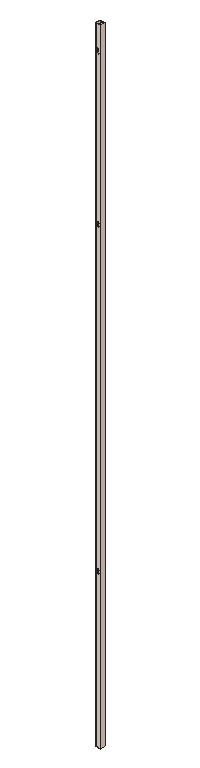
Revit family "SQ-PowerBar4045", category 機械設備, Revit 2020
Family settings
  丸型コネクタ寸法 = 直径を使用
  種別 = なし
  パーツ タイプ = 標準
  作業面ベース = いいえ
  常に垂直 = はい
  ロード時にボイドで切り取り = いいえ
  共有 = いいえ
  部屋計算ポイント = いいえ
Parameters
  製造元 = "株式会社桐井製作所"
  既定の高さ = 0 mm
  振れ止め本数 [instance] = roundup(([K_長さ(mm)] - 1200 mm) * 1 / 振れ止めピッチ) * 1  # 4
  振れ止めピッチ = 1200 mm  # constant formula
  URL = "https://www.kirii.co.jp/"
  K_長さ(mm) [instance] = 5000 mm
  K_外形寸法(mm) = "40×45×0.45"
  K_品名 = "SQ-PowerBar4045"
  K_名称 = "スタッド"
  K_バージョン情報 = "20210714"
Reference planes
  plane 1 "中心(正面/背面)": y = 0
  plane 2: z = 0
  plane 3 "中心(左/右)": x = 0
  plane 4: x = 20
  plane 5: x = -20
  plane 6: y = 22.5
  plane 7: z = 5000
  plane 8: y = -22.5
  plane 9: z = 1200
Forms (mm)
  Extrusion 1, solid
    sketch origin (0.5, -20, 0) x (1, 0, 0) y (0, 1, 0)
      loop
        line (-20.5, 42.5) -> (-20.5, -2.5) -> (19.5, -2.5) -> (19.5, 42.5) -> (-20.5, 42.5)
      loop
        line (-20.05, 42.05) -> (-20.05, -2.05) -> (19.05, -2.05) -> (19.05, 42.05) -> (-20.05, 42.05)
    from 0 to 5000
  Extrusion 2, void
    sketch origin (0, 0, -2.498) x (1, 0, 0) y (0, 0, 1)
      loop
        line (9.5, 1214.5) -> (10.689, 1225.606)
        arc (10.689, 1225.606) -> (9.707, 1231.368) -> (5.855, 1235.765) r 10.75
        arc (5.855, 1235.765) -> (5.521, 1236.127) -> (5.4, 1236.604) r 1
        line (5.4, 1236.604) -> (5.4, 1238.5)
        arc (5.4, 1238.5) -> (5.107, 1239.207) -> (4.4, 1239.5) r 1
        line (4.4, 1239.5) -> (-4.4, 1239.5)
        arc (-4.4, 1239.5) -> (-5.107, 1239.207) -> (-5.4, 1238.5) r 1
        line (-5.4, 1238.5) -> (-5.4, 1236.604)
        arc (-5.4, 1236.604) -> (-5.521, 1236.127) -> (-5.855, 1235.765) r 1
        arc (-5.855, 1235.765) -> (-9.707, 1231.368) -> (-10.689, 1225.606) r 10.75
        line (-10.689, 1225.606) -> (-9.5, 1214.5) -> (-9.5, 1211.956) -> (-8.421, 1209.153)
        arc (-8.421, 1209.153) -> (-8.3, 1208.52) -> (-8.407, 1207.885) r 1.817
        line (-8.407, 1207.885) -> (-9.501, 1204.847) -> (-9.501, 1203.499)
        arc (-9.501, 1203.499) -> (-9.208, 1202.791) -> (-8.5, 1202.498) r 1.001
        line (-8.5, 1202.498) -> (-6.417, 1202.498)
        arc (-6.417, 1202.498) -> (-5.841, 1202.309) -> (-5.486, 1201.818) r 0.978
        line (-5.486, 1201.818) -> (-5.359, 1201.002)
        arc (-5.359, 1201.002) -> (-5.072, 1200.31) -> (-4.379, 1200.023) r 0.979
        line (-4.379, 1200.023) -> (4.379, 1200.023)
        arc (4.379, 1200.023) -> (5.072, 1200.31) -> (5.359, 1201.002) r 0.979
        line (5.359, 1201.002) -> (5.486, 1201.818)
        arc (5.486, 1201.818) -> (5.841, 1202.309) -> (6.417, 1202.498) r 0.978
        line (6.417, 1202.498) -> (8.5, 1202.5)
        arc (8.5, 1202.5) -> (9.207, 1202.793) -> (9.5, 1203.5) r 1
        line (9.5, 1203.5) -> (9.5, 1204.849) -> (8.407, 1207.885)
        arc (8.407, 1207.885) -> (8.3, 1208.52) -> (8.421, 1209.153) r 1.817
        line (8.421, 1209.153) -> (9.5, 1211.956) -> (9.5, 1214.5)
    from -22.5 to -21.596
  Extrusion 3, void
    sketch origin (0, 0, 0) x (1, 0, 0) y (0, 0, 1)
      loop
        line (-4.774, 1234.724) -> (-4.8, 1233.869)
        arc (-4.8, 1233.869) -> (-9.43, 1229.41) -> (-10.689, 1223.106) r 10.75
        line (-10.689, 1223.106) -> (-9.5, 1212.003) -> (-9.5, 1209.457) -> (-9.5, 1200.952)
        arc (-9.5, 1200.952) -> (-9.19, 1200.276) -> (-8.5, 1200) r 1.001
        line (-8.5, 1200) -> (-4.8, 1200)
        arc (-4.8, 1200) -> (-4.507, 1199.293) -> (-3.8, 1199) r 1
        line (-3.8, 1199) -> (3.8, 1199)
        arc (3.8, 1199) -> (4.507, 1199.293) -> (4.8, 1200) r 1
        line (4.8, 1200) -> (8.5, 1200.002)
        arc (8.5, 1200.002) -> (9.207, 1200.295) -> (9.5, 1201) r 1
        line (9.5, 1201) -> (9.5, 1210) -> (9.5, 1212) -> (10.689, 1223.106)
        arc (10.689, 1223.106) -> (9.431, 1229.41) -> (4.8, 1233.869) r 10.75
        line (4.8, 1233.869) -> (4.774, 1234.724)
        arc (4.774, 1234.724) -> (4.423, 1235.282) -> (3.8, 1235.5) r 1
        line (3.8, 1235.5) -> (-3.8, 1235.5)
        arc (-3.8, 1235.5) -> (-4.423, 1235.282) -> (-4.774, 1234.724) r 1
    from 21.501 to 22.5
  Extrusion 4, void
    sketch origin (0, 0, 1200) x (1, 0, 0) y (0, 0, 1)
      loop
        line (-4.774, 1234.724) -> (-4.8, 1233.869)
        arc (-4.8, 1233.869) -> (-9.43, 1229.41) -> (-10.689, 1223.106) r 10.75
        line (-10.689, 1223.106) -> (-9.5, 1212.003) -> (-9.5, 1209.457) -> (-9.5, 1200.952)
        arc (-9.5, 1200.952) -> (-9.19, 1200.276) -> (-8.5, 1200) r 1.001
        line (-8.5, 1200) -> (-4.8, 1200)
        arc (-4.8, 1200) -> (-4.507, 1199.293) -> (-3.8, 1199) r 1
        line (-3.8, 1199) -> (3.8, 1199)
        arc (3.8, 1199) -> (4.507, 1199.293) -> (4.8, 1200) r 1
        line (4.8, 1200) -> (8.5, 1200.002)
        arc (8.5, 1200.002) -> (9.207, 1200.295) -> (9.5, 1201) r 1
        line (9.5, 1201) -> (9.5, 1210) -> (9.5, 1212) -> (10.689, 1223.106)
        arc (10.689, 1223.106) -> (9.431, 1229.41) -> (4.8, 1233.869) r 10.75
        line (4.8, 1233.869) -> (4.774, 1234.724)
        arc (4.774, 1234.724) -> (4.423, 1235.282) -> (3.8, 1235.5) r 1
        line (3.8, 1235.5) -> (-3.8, 1235.5)
        arc (-3.8, 1235.5) -> (-4.423, 1235.282) -> (-4.774, 1234.724) r 1
    from 21.501 to 22.5
  Extrusion 5, void
    sketch origin (0, 0, 2400) x (1, 0, 0) y (0, 0, 1)
      loop
        line (-4.774, 1234.724) -> (-4.8, 1233.869)
        arc (-4.8, 1233.869) -> (-9.43, 1229.41) -> (-10.689, 1223.106) r 10.75
        line (-10.689, 1223.106) -> (-9.5, 1212.003) -> (-9.5, 1209.457) -> (-9.5, 1200.952)
        arc (-9.5, 1200.952) -> (-9.19, 1200.276) -> (-8.5, 1200) r 1.001
        line (-8.5, 1200) -> (-4.8, 1200)
        arc (-4.8, 1200) -> (-4.507, 1199.293) -> (-3.8, 1199) r 1
        line (-3.8, 1199) -> (3.8, 1199)
        arc (3.8, 1199) -> (4.507, 1199.293) -> (4.8, 1200) r 1
        line (4.8, 1200) -> (8.5, 1200.002)
        arc (8.5, 1200.002) -> (9.207, 1200.295) -> (9.5, 1201) r 1
        line (9.5, 1201) -> (9.5, 1210) -> (9.5, 1212) -> (10.689, 1223.106)
        arc (10.689, 1223.106) -> (9.431, 1229.41) -> (4.8, 1233.869) r 10.75
        line (4.8, 1233.869) -> (4.774, 1234.724)
        arc (4.774, 1234.724) -> (4.423, 1235.282) -> (3.8, 1235.5) r 1
        line (3.8, 1235.5) -> (-3.8, 1235.5)
        arc (-3.8, 1235.5) -> (-4.423, 1235.282) -> (-4.774, 1234.724) r 1
    from 21.501 to 22.5
  Extrusion 6, void
    sketch origin (0, 0, 3600) x (1, 0, 0) y (0, 0, 1)
      loop
        line (-4.774, 1234.724) -> (-4.8, 1233.869)
        arc (-4.8, 1233.869) -> (-9.43, 1229.41) -> (-10.689, 1223.106) r 10.75
        line (-10.689, 1223.106) -> (-9.5, 1212.003) -> (-9.5, 1209.457) -> (-9.5, 1200.952)
        arc (-9.5, 1200.952) -> (-9.19, 1200.276) -> (-8.5, 1200) r 1.001
        line (-8.5, 1200) -> (-4.8, 1200)
        arc (-4.8, 1200) -> (-4.507, 1199.293) -> (-3.8, 1199) r 1
        line (-3.8, 1199) -> (3.8, 1199)
        arc (3.8, 1199) -> (4.507, 1199.293) -> (4.8, 1200) r 1
        line (4.8, 1200) -> (8.5, 1200.002)
        arc (8.5, 1200.002) -> (9.207, 1200.295) -> (9.5, 1201) r 1
        line (9.5, 1201) -> (9.5, 1210) -> (9.5, 1212) -> (10.689, 1223.106)
        arc (10.689, 1223.106) -> (9.431, 1229.41) -> (4.8, 1233.869) r 10.75
        line (4.8, 1233.869) -> (4.774, 1234.724)
        arc (4.774, 1234.724) -> (4.423, 1235.282) -> (3.8, 1235.5) r 1
        line (3.8, 1235.5) -> (-3.8, 1235.5)
        arc (-3.8, 1235.5) -> (-4.423, 1235.282) -> (-4.774, 1234.724) r 1
    from 21.501 to 22.5
  Extrusion 7, void
    sketch origin (0, 0, 1197.502) x (1, 0, 0) y (0, 0, 1)
      loop
        line (9.5, 1214.5) -> (10.689, 1225.606)
        arc (10.689, 1225.606) -> (9.707, 1231.368) -> (5.855, 1235.765) r 10.75
        arc (5.855, 1235.765) -> (5.521, 1236.127) -> (5.4, 1236.604) r 1
        line (5.4, 1236.604) -> (5.4, 1238.5)
        arc (5.4, 1238.5) -> (5.107, 1239.207) -> (4.4, 1239.5) r 1
        line (4.4, 1239.5) -> (-4.4, 1239.5)
        arc (-4.4, 1239.5) -> (-5.107, 1239.207) -> (-5.4, 1238.5) r 1
        line (-5.4, 1238.5) -> (-5.4, 1236.604)
        arc (-5.4, 1236.604) -> (-5.521, 1236.127) -> (-5.855, 1235.765) r 1
        arc (-5.855, 1235.765) -> (-9.707, 1231.368) -> (-10.689, 1225.606) r 10.75
        line (-10.689, 1225.606) -> (-9.5, 1214.5) -> (-9.5, 1211.956) -> (-8.421, 1209.153)
        arc (-8.421, 1209.153) -> (-8.3, 1208.52) -> (-8.407, 1207.885) r 1.817
        line (-8.407, 1207.885) -> (-9.501, 1204.847) -> (-9.501, 1203.499)
        arc (-9.501, 1203.499) -> (-9.208, 1202.791) -> (-8.5, 1202.498) r 1.001
        line (-8.5, 1202.498) -> (-6.417, 1202.498)
        arc (-6.417, 1202.498) -> (-5.841, 1202.309) -> (-5.486, 1201.818) r 0.978
        line (-5.486, 1201.818) -> (-5.359, 1201.002)
        arc (-5.359, 1201.002) -> (-5.072, 1200.31) -> (-4.379, 1200.023) r 0.979
        line (-4.379, 1200.023) -> (4.379, 1200.023)
        arc (4.379, 1200.023) -> (5.072, 1200.31) -> (5.359, 1201.002) r 0.979
        line (5.359, 1201.002) -> (5.486, 1201.818)
        arc (5.486, 1201.818) -> (5.841, 1202.309) -> (6.417, 1202.498) r 0.978
        line (6.417, 1202.498) -> (8.5, 1202.5)
        arc (8.5, 1202.5) -> (9.207, 1202.793) -> (9.5, 1203.5) r 1
        line (9.5, 1203.5) -> (9.5, 1204.849) -> (8.407, 1207.885)
        arc (8.407, 1207.885) -> (8.3, 1208.52) -> (8.421, 1209.153) r 1.817
        line (8.421, 1209.153) -> (9.5, 1211.956) -> (9.5, 1214.5)
    from -22.5 to -21.596
  Extrusion 8, void
    sketch origin (0, 0, 2397.502) x (1, 0, 0) y (0, 0, 1)
      loop
        line (9.5, 1214.5) -> (10.689, 1225.606)
        arc (10.689, 1225.606) -> (9.707, 1231.368) -> (5.855, 1235.765) r 10.75
        arc (5.855, 1235.765) -> (5.521, 1236.127) -> (5.4, 1236.604) r 1
        line (5.4, 1236.604) -> (5.4, 1238.5)
        arc (5.4, 1238.5) -> (5.107, 1239.207) -> (4.4, 1239.5) r 1
        line (4.4, 1239.5) -> (-4.4, 1239.5)
        arc (-4.4, 1239.5) -> (-5.107, 1239.207) -> (-5.4, 1238.5) r 1
        line (-5.4, 1238.5) -> (-5.4, 1236.604)
        arc (-5.4, 1236.604) -> (-5.521, 1236.127) -> (-5.855, 1235.765) r 1
        arc (-5.855, 1235.765) -> (-9.707, 1231.368) -> (-10.689, 1225.606) r 10.75
        line (-10.689, 1225.606) -> (-9.5, 1214.5) -> (-9.5, 1211.956) -> (-8.421, 1209.153)
        arc (-8.421, 1209.153) -> (-8.3, 1208.52) -> (-8.407, 1207.885) r 1.817
        line (-8.407, 1207.885) -> (-9.501, 1204.847) -> (-9.501, 1203.499)
        arc (-9.501, 1203.499) -> (-9.208, 1202.791) -> (-8.5, 1202.498) r 1.001
        line (-8.5, 1202.498) -> (-6.417, 1202.498)
        arc (-6.417, 1202.498) -> (-5.841, 1202.309) -> (-5.486, 1201.818) r 0.978
        line (-5.486, 1201.818) -> (-5.359, 1201.002)
        arc (-5.359, 1201.002) -> (-5.072, 1200.31) -> (-4.379, 1200.023) r 0.979
        line (-4.379, 1200.023) -> (4.379, 1200.023)
        arc (4.379, 1200.023) -> (5.072, 1200.31) -> (5.359, 1201.002) r 0.979
        line (5.359, 1201.002) -> (5.486, 1201.818)
        arc (5.486, 1201.818) -> (5.841, 1202.309) -> (6.417, 1202.498) r 0.978
        line (6.417, 1202.498) -> (8.5, 1202.5)
        arc (8.5, 1202.5) -> (9.207, 1202.793) -> (9.5, 1203.5) r 1
        line (9.5, 1203.5) -> (9.5, 1204.849) -> (8.407, 1207.885)
        arc (8.407, 1207.885) -> (8.3, 1208.52) -> (8.421, 1209.153) r 1.817
        line (8.421, 1209.153) -> (9.5, 1211.956) -> (9.5, 1214.5)
    from -22.5 to -21.596
  Extrusion 9, void
    sketch origin (0, 0, 3597.502) x (1, 0, 0) y (0, 0, 1)
      loop
        line (9.5, 1214.5) -> (10.689, 1225.606)
        arc (10.689, 1225.606) -> (9.707, 1231.368) -> (5.855, 1235.765) r 10.75
        arc (5.855, 1235.765) -> (5.521, 1236.127) -> (5.4, 1236.604) r 1
        line (5.4, 1236.604) -> (5.4, 1238.5)
        arc (5.4, 1238.5) -> (5.107, 1239.207) -> (4.4, 1239.5) r 1
        line (4.4, 1239.5) -> (-4.4, 1239.5)
        arc (-4.4, 1239.5) -> (-5.107, 1239.207) -> (-5.4, 1238.5) r 1
        line (-5.4, 1238.5) -> (-5.4, 1236.604)
        arc (-5.4, 1236.604) -> (-5.521, 1236.127) -> (-5.855, 1235.765) r 1
        arc (-5.855, 1235.765) -> (-9.707, 1231.368) -> (-10.689, 1225.606) r 10.75
        line (-10.689, 1225.606) -> (-9.5, 1214.5) -> (-9.5, 1211.956) -> (-8.421, 1209.153)
        arc (-8.421, 1209.153) -> (-8.3, 1208.52) -> (-8.407, 1207.885) r 1.817
        line (-8.407, 1207.885) -> (-9.501, 1204.847) -> (-9.501, 1203.499)
        arc (-9.501, 1203.499) -> (-9.208, 1202.791) -> (-8.5, 1202.498) r 1.001
        line (-8.5, 1202.498) -> (-6.417, 1202.498)
        arc (-6.417, 1202.498) -> (-5.841, 1202.309) -> (-5.486, 1201.818) r 0.978
        line (-5.486, 1201.818) -> (-5.359, 1201.002)
        arc (-5.359, 1201.002) -> (-5.072, 1200.31) -> (-4.379, 1200.023) r 0.979
        line (-4.379, 1200.023) -> (4.379, 1200.023)
        arc (4.379, 1200.023) -> (5.072, 1200.31) -> (5.359, 1201.002) r 0.979
        line (5.359, 1201.002) -> (5.486, 1201.818)
        arc (5.486, 1201.818) -> (5.841, 1202.309) -> (6.417, 1202.498) r 0.978
        line (6.417, 1202.498) -> (8.5, 1202.5)
        arc (8.5, 1202.5) -> (9.207, 1202.793) -> (9.5, 1203.5) r 1
        line (9.5, 1203.5) -> (9.5, 1204.849) -> (8.407, 1207.885)
        arc (8.407, 1207.885) -> (8.3, 1208.52) -> (8.421, 1209.153) r 1.817
        line (8.421, 1209.153) -> (9.5, 1211.956) -> (9.5, 1214.5)
    from -22.5 to -21.596
Cuts and joins
  Extrusion 2, Extrusion 3, Extrusion 5, Extrusion 6, Extrusion 8, Extrusion 9 cuts Extrusion 1
Dimensions and locks
  "K_長さ(mm)": plane 7 to level
  equal spacing: group 1, group 2, group 3, group 4  (x3)
  "振れ止めピッチ": plane 2 to plane 9
  equal spacing: group 5, group 6, group 7, group 8  (x3)
  aligned and locked: level to plane 2
  aligned and locked: Extrusion 1 sketch curve to plane 6
  aligned and locked: plane 7 to Extrusion 1
  aligned and locked: plane 6 to Extrusion 1
  aligned and locked: Extrusion 1 to plane 8
  aligned and locked: plane 4 to Extrusion 1
  aligned and locked: Extrusion 1 to plane 5
  aligned and locked: plane 9 to cut or joined group of Extrusion 1, Extrusion 2, Extrusion 3, Extrusion 5, Extrusion 6, Extrusion 8, Extrusion 9
  aligned and locked: cut or joined group of Extrusion 1, Extrusion 2, Extrusion 3, Extrusion 5, Extrusion 6, Extrusion 8, Extrusion 9 to plane 9
Automatic sketch dimensions
  Extrusion 1 sketch curve to plane 4 = 0.45 mm
  plane 5 to Extrusion 1 sketch curve = 0.45 mm
  plane 1 "中心(正面/背面)" to Extrusion 1 sketch curve = 22.05 mm
  Extrusion 1 sketch curve to plane 6 = 0.45 mm
  Extrusion 1 sketch curve to plane 4 = 0 mm
  Extrusion 1 sketch curve to plane 5 = 0 mm
  Extrusion 1 sketch curve to plane 8 = 0 mm
  Extrusion 2 sketch curve to Extrusion 2 sketch curve = 1.188 mm
  Extrusion 2 sketch curve to Extrusion 2 sketch curve = 0.001 mm
  Extrusion 2 sketch curve to Extrusion 2 sketch curve = 1.001 mm
  Extrusion 2 sketch curve to Extrusion 2 sketch curve = 2.082 mm
  Extrusion 2 sketch curve to Extrusion 2 sketch curve = 4.289 mm
  Extrusion 2 sketch curve to Extrusion 2 sketch curve = 0.931 mm  (x2)
  Extrusion 2 sketch curve to Extrusion 2 sketch curve = 1 mm  (x6)
  Extrusion 2 sketch curve to Extrusion 2 sketch curve = 0.127 mm  (x2)
  Extrusion 2 sketch curve to Extrusion 2 sketch curve = 0.979 mm
  Extrusion 2 sketch curve to Extrusion 2 sketch curve = 10.689 mm  (x2)
  Extrusion 2 sketch curve to Extrusion 2 sketch curve = 8.759 mm
  Extrusion 2 sketch curve to Extrusion 2 sketch curve = 8.8 mm
  Extrusion 2 sketch curve to Extrusion 2 sketch curve = 2.083 mm
  Extrusion 2 sketch curve to Extrusion 2 sketch curve = 0 mm  (x5)
  Extrusion 2 sketch curve to Extrusion 2 sketch curve = 0.518 mm  (x2)
  Extrusion 2 sketch curve to Extrusion 2 sketch curve = 0.816 mm  (x2)
  Extrusion 2 sketch curve to Extrusion 2 sketch curve = 0.002 mm
  Extrusion 2 sketch curve to Extrusion 2 sketch curve = 8.457 mm
  Extrusion 2 sketch curve to Extrusion 2 sketch curve = 8.456 mm
  Extrusion 2 sketch curve to Extrusion 2 sketch curve = 2.544 mm  (x2)
  Extrusion 2 sketch curve to Extrusion 2 sketch curve = 11.106 mm  (x2)
  Extrusion 2 sketch curve to Extrusion 2 sketch curve = 1.144 mm
  Extrusion 2 sketch curve to Extrusion 2 sketch curve = 9.854 mm  (x2)
  Extrusion 2 sketch curve to Extrusion 2 sketch curve = 1.896 mm
  Extrusion 2 sketch curve to Extrusion 2 sketch curve = 1.079 mm
  Extrusion 2 sketch curve to Extrusion 2 sketch curve = 0.014 mm  (x2)
  Extrusion 2 sketch curve to Extrusion 2 sketch curve = 0.017 mm
  Extrusion 2 sketch curve to Extrusion 2 sketch curve = 1.093 mm
  Extrusion 2 sketch curve to Extrusion 2 sketch curve = 1.348 mm
  Extrusion 2 sketch curve to Extrusion 2 sketch curve = 1.349 mm
  Extrusion 2 sketch curve to Extrusion 2 sketch curve = 3.036 mm
  Extrusion 2 sketch curve to Extrusion 2 sketch curve = 3.038 mm
  Extrusion 2 sketch curve to Extrusion 2 sketch curve = 1.268 mm  (x2)
  Extrusion 2 sketch curve to Extrusion 2 sketch curve = 1.695 mm
  Extrusion 2 sketch curve to Extrusion 2 sketch curve = 1.709 mm
  Extrusion 3 sketch curve to Extrusion 3 sketch curve = 0 mm  (x7)
  Extrusion 3 sketch curve to Extrusion 3 sketch curve = 1 mm  (x4)
  Extrusion 3 sketch curve to Extrusion 3 sketch curve = 3.7 mm  (x2)
  Extrusion 3 sketch curve to Extrusion 3 sketch curve = 0.025 mm  (x2)
  Extrusion 3 sketch curve to Extrusion 3 sketch curve = 0.975 mm  (x2)
  Extrusion 3 sketch curve to Extrusion 3 sketch curve = 8.998 mm
  Extrusion 3 sketch curve to Extrusion 3 sketch curve = 2 mm
  Extrusion 3 sketch curve to Extrusion 3 sketch curve = 11.002 mm
  Extrusion 3 sketch curve to Extrusion 3 sketch curve = 11.102 mm
  Extrusion 3 sketch curve to Extrusion 3 sketch curve = 11.106 mm
  Extrusion 3 sketch curve to Extrusion 3 sketch curve = 1.144 mm
  Extrusion 3 sketch curve to Extrusion 3 sketch curve = 0.631 mm  (x2)
  Extrusion 3 sketch curve to Extrusion 3 sketch curve = 0.855 mm
  Extrusion 3 sketch curve to Extrusion 3 sketch curve = 0.002 mm
  Extrusion 3 sketch curve to Extrusion 3 sketch curve = 2.546 mm
  Extrusion 3 sketch curve to Extrusion 3 sketch curve = 0.001 mm
  Extrusion 3 sketch curve to Extrusion 3 sketch curve = 1.189 mm
  Extrusion 3 sketch curve to Extrusion 3 sketch curve = 5.889 mm
  Extrusion 3 sketch curve to Extrusion 3 sketch curve = 10.689 mm  (x2)
  Extrusion 3 sketch curve to Extrusion 3 sketch curve = 7.599 mm
  Extrusion 3 sketch curve to Extrusion 3 sketch curve = 7.6 mm
  Extrusion 3 sketch curve to Extrusion 3 sketch curve = 0.952 mm
  Extrusion 3 sketch curve to Extrusion 3 sketch curve = 1.002 mm
  Extrusion 4 sketch curve to Extrusion 4 sketch curve = 0 mm  (x7)
  Extrusion 4 sketch curve to Extrusion 4 sketch curve = 1 mm  (x4)
  Extrusion 4 sketch curve to Extrusion 4 sketch curve = 3.7 mm  (x2)
  Extrusion 4 sketch curve to Extrusion 4 sketch curve = 0.025 mm  (x2)
  Extrusion 4 sketch curve to Extrusion 4 sketch curve = 0.975 mm  (x2)
  Extrusion 4 sketch curve to Extrusion 4 sketch curve = 8.998 mm
  Extrusion 4 sketch curve to Extrusion 4 sketch curve = 2 mm
  Extrusion 4 sketch curve to Extrusion 4 sketch curve = 11.002 mm
  Extrusion 4 sketch curve to Extrusion 4 sketch curve = 11.102 mm
  Extrusion 4 sketch curve to Extrusion 4 sketch curve = 11.106 mm
  Extrusion 4 sketch curve to Extrusion 4 sketch curve = 1.144 mm
  Extrusion 4 sketch curve to Extrusion 4 sketch curve = 0.631 mm  (x2)
  Extrusion 4 sketch curve to Extrusion 4 sketch curve = 0.855 mm
  Extrusion 4 sketch curve to Extrusion 4 sketch curve = 0.002 mm
  Extrusion 4 sketch curve to Extrusion 4 sketch curve = 2.546 mm
  Extrusion 4 sketch curve to Extrusion 4 sketch curve = 0.001 mm
  Extrusion 4 sketch curve to Extrusion 4 sketch curve = 1.189 mm
  Extrusion 4 sketch curve to Extrusion 4 sketch curve = 5.889 mm
  Extrusion 4 sketch curve to Extrusion 4 sketch curve = 10.689 mm  (x2)
  Extrusion 4 sketch curve to Extrusion 4 sketch curve = 7.599 mm
  Extrusion 4 sketch curve to Extrusion 4 sketch curve = 7.6 mm
  Extrusion 4 sketch curve to Extrusion 4 sketch curve = 0.952 mm
  Extrusion 4 sketch curve to Extrusion 4 sketch curve = 1.002 mm
  Extrusion 5 sketch curve to Extrusion 5 sketch curve = 0 mm  (x7)
  Extrusion 5 sketch curve to Extrusion 5 sketch curve = 1 mm  (x4)
  Extrusion 5 sketch curve to Extrusion 5 sketch curve = 3.7 mm  (x2)
  Extrusion 5 sketch curve to Extrusion 5 sketch curve = 0.025 mm  (x2)
  Extrusion 5 sketch curve to Extrusion 5 sketch curve = 0.975 mm  (x2)
  Extrusion 5 sketch curve to Extrusion 5 sketch curve = 8.998 mm
  Extrusion 5 sketch curve to Extrusion 5 sketch curve = 2 mm
  Extrusion 5 sketch curve to Extrusion 5 sketch curve = 11.002 mm
  Extrusion 5 sketch curve to Extrusion 5 sketch curve = 11.102 mm
  Extrusion 5 sketch curve to Extrusion 5 sketch curve = 11.106 mm
  Extrusion 5 sketch curve to Extrusion 5 sketch curve = 1.144 mm
  Extrusion 5 sketch curve to Extrusion 5 sketch curve = 0.631 mm  (x2)
  Extrusion 5 sketch curve to Extrusion 5 sketch curve = 0.855 mm
  Extrusion 5 sketch curve to Extrusion 5 sketch curve = 0.002 mm
  Extrusion 5 sketch curve to Extrusion 5 sketch curve = 2.546 mm
  Extrusion 5 sketch curve to Extrusion 5 sketch curve = 0.001 mm
  Extrusion 5 sketch curve to Extrusion 5 sketch curve = 1.189 mm
  Extrusion 5 sketch curve to Extrusion 5 sketch curve = 5.889 mm
  Extrusion 5 sketch curve to Extrusion 5 sketch curve = 10.689 mm  (x2)
  Extrusion 5 sketch curve to Extrusion 5 sketch curve = 7.599 mm
  Extrusion 5 sketch curve to Extrusion 5 sketch curve = 7.6 mm
  Extrusion 5 sketch curve to Extrusion 5 sketch curve = 0.952 mm
  Extrusion 5 sketch curve to Extrusion 5 sketch curve = 1.002 mm
  Extrusion 6 sketch curve to Extrusion 6 sketch curve = 0 mm  (x7)
  Extrusion 6 sketch curve to Extrusion 6 sketch curve = 1 mm  (x4)
  Extrusion 6 sketch curve to Extrusion 6 sketch curve = 3.7 mm  (x2)
  Extrusion 6 sketch curve to Extrusion 6 sketch curve = 0.025 mm  (x2)
  Extrusion 6 sketch curve to Extrusion 6 sketch curve = 0.975 mm  (x2)
  Extrusion 6 sketch curve to Extrusion 6 sketch curve = 8.998 mm
  Extrusion 6 sketch curve to Extrusion 6 sketch curve = 2 mm
  Extrusion 6 sketch curve to Extrusion 6 sketch curve = 11.002 mm
  Extrusion 6 sketch curve to Extrusion 6 sketch curve = 11.102 mm
  Extrusion 6 sketch curve to Extrusion 6 sketch curve = 11.106 mm
  Extrusion 6 sketch curve to Extrusion 6 sketch curve = 1.144 mm
  Extrusion 6 sketch curve to Extrusion 6 sketch curve = 0.631 mm  (x2)
  Extrusion 6 sketch curve to Extrusion 6 sketch curve = 0.855 mm
  Extrusion 6 sketch curve to Extrusion 6 sketch curve = 0.002 mm
  Extrusion 6 sketch curve to Extrusion 6 sketch curve = 2.546 mm
  Extrusion 6 sketch curve to Extrusion 6 sketch curve = 0.001 mm
  Extrusion 6 sketch curve to Extrusion 6 sketch curve = 1.189 mm
  Extrusion 6 sketch curve to Extrusion 6 sketch curve = 5.889 mm
  Extrusion 6 sketch curve to Extrusion 6 sketch curve = 10.689 mm  (x2)
  Extrusion 6 sketch curve to Extrusion 6 sketch curve = 7.599 mm
  Extrusion 6 sketch curve to Extrusion 6 sketch curve = 7.6 mm
  Extrusion 6 sketch curve to Extrusion 6 sketch curve = 0.952 mm
  Extrusion 6 sketch curve to Extrusion 6 sketch curve = 1.002 mm
  Extrusion 7 sketch curve to Extrusion 7 sketch curve = 1.188 mm
  Extrusion 7 sketch curve to Extrusion 7 sketch curve = 0.001 mm
  Extrusion 7 sketch curve to Extrusion 7 sketch curve = 1.001 mm
  Extrusion 7 sketch curve to Extrusion 7 sketch curve = 2.082 mm
  Extrusion 7 sketch curve to Extrusion 7 sketch curve = 4.289 mm
  Extrusion 7 sketch curve to Extrusion 7 sketch curve = 0.931 mm  (x2)
  Extrusion 7 sketch curve to Extrusion 7 sketch curve = 1 mm  (x6)
  Extrusion 7 sketch curve to Extrusion 7 sketch curve = 0.127 mm  (x2)
  Extrusion 7 sketch curve to Extrusion 7 sketch curve = 0.979 mm
  Extrusion 7 sketch curve to Extrusion 7 sketch curve = 10.689 mm  (x2)
  Extrusion 7 sketch curve to Extrusion 7 sketch curve = 8.759 mm
  Extrusion 7 sketch curve to Extrusion 7 sketch curve = 8.8 mm
  Extrusion 7 sketch curve to Extrusion 7 sketch curve = 2.083 mm
  Extrusion 7 sketch curve to Extrusion 7 sketch curve = 0 mm  (x5)
  Extrusion 7 sketch curve to Extrusion 7 sketch curve = 0.518 mm  (x2)
  Extrusion 7 sketch curve to Extrusion 7 sketch curve = 0.816 mm  (x2)
  Extrusion 7 sketch curve to Extrusion 7 sketch curve = 0.002 mm
  Extrusion 7 sketch curve to Extrusion 7 sketch curve = 8.457 mm
  Extrusion 7 sketch curve to Extrusion 7 sketch curve = 8.456 mm
  Extrusion 7 sketch curve to Extrusion 7 sketch curve = 2.544 mm  (x2)
  Extrusion 7 sketch curve to Extrusion 7 sketch curve = 11.106 mm  (x2)
  Extrusion 7 sketch curve to Extrusion 7 sketch curve = 1.144 mm
  Extrusion 7 sketch curve to Extrusion 7 sketch curve = 9.854 mm  (x2)
  Extrusion 7 sketch curve to Extrusion 7 sketch curve = 1.896 mm
  Extrusion 7 sketch curve to Extrusion 7 sketch curve = 1.079 mm
  Extrusion 7 sketch curve to Extrusion 7 sketch curve = 0.014 mm  (x2)
  Extrusion 7 sketch curve to Extrusion 7 sketch curve = 0.017 mm
  Extrusion 7 sketch curve to Extrusion 7 sketch curve = 1.093 mm
  Extrusion 7 sketch curve to Extrusion 7 sketch curve = 1.348 mm
  Extrusion 7 sketch curve to Extrusion 7 sketch curve = 1.349 mm
  Extrusion 7 sketch curve to Extrusion 7 sketch curve = 3.036 mm
  Extrusion 7 sketch curve to Extrusion 7 sketch curve = 3.038 mm
  Extrusion 7 sketch curve to Extrusion 7 sketch curve = 1.268 mm  (x2)
  Extrusion 7 sketch curve to Extrusion 7 sketch curve = 1.695 mm
  Extrusion 7 sketch curve to Extrusion 7 sketch curve = 1.709 mm
  Extrusion 8 sketch curve to Extrusion 8 sketch curve = 1.188 mm
  Extrusion 8 sketch curve to Extrusion 8 sketch curve = 0.001 mm
  Extrusion 8 sketch curve to Extrusion 8 sketch curve = 1.001 mm
  Extrusion 8 sketch curve to Extrusion 8 sketch curve = 2.082 mm
  Extrusion 8 sketch curve to Extrusion 8 sketch curve = 4.289 mm
  Extrusion 8 sketch curve to Extrusion 8 sketch curve = 0.931 mm  (x2)
  Extrusion 8 sketch curve to Extrusion 8 sketch curve = 1 mm  (x6)
  Extrusion 8 sketch curve to Extrusion 8 sketch curve = 0.127 mm  (x2)
  Extrusion 8 sketch curve to Extrusion 8 sketch curve = 0.979 mm
  Extrusion 8 sketch curve to Extrusion 8 sketch curve = 10.689 mm  (x2)
  Extrusion 8 sketch curve to Extrusion 8 sketch curve = 8.759 mm
  Extrusion 8 sketch curve to Extrusion 8 sketch curve = 8.8 mm
  Extrusion 8 sketch curve to Extrusion 8 sketch curve = 2.083 mm
  Extrusion 8 sketch curve to Extrusion 8 sketch curve = 0 mm  (x5)
  Extrusion 8 sketch curve to Extrusion 8 sketch curve = 0.518 mm  (x2)
  Extrusion 8 sketch curve to Extrusion 8 sketch curve = 0.816 mm  (x2)
  Extrusion 8 sketch curve to Extrusion 8 sketch curve = 0.002 mm
  Extrusion 8 sketch curve to Extrusion 8 sketch curve = 8.457 mm
  Extrusion 8 sketch curve to Extrusion 8 sketch curve = 8.456 mm
  Extrusion 8 sketch curve to Extrusion 8 sketch curve = 2.544 mm  (x2)
  Extrusion 8 sketch curve to Extrusion 8 sketch curve = 11.106 mm  (x2)
  Extrusion 8 sketch curve to Extrusion 8 sketch curve = 1.144 mm
  Extrusion 8 sketch curve to Extrusion 8 sketch curve = 9.854 mm  (x2)
  Extrusion 8 sketch curve to Extrusion 8 sketch curve = 1.896 mm
  Extrusion 8 sketch curve to Extrusion 8 sketch curve = 1.079 mm
  Extrusion 8 sketch curve to Extrusion 8 sketch curve = 0.014 mm  (x2)
  Extrusion 8 sketch curve to Extrusion 8 sketch curve = 0.017 mm
  Extrusion 8 sketch curve to Extrusion 8 sketch curve = 1.093 mm
  Extrusion 8 sketch curve to Extrusion 8 sketch curve = 1.348 mm
  Extrusion 8 sketch curve to Extrusion 8 sketch curve = 1.349 mm
  Extrusion 8 sketch curve to Extrusion 8 sketch curve = 3.036 mm
  Extrusion 8 sketch curve to Extrusion 8 sketch curve = 3.038 mm
  Extrusion 8 sketch curve to Extrusion 8 sketch curve = 1.268 mm  (x2)
  Extrusion 8 sketch curve to Extrusion 8 sketch curve = 1.695 mm
  Extrusion 8 sketch curve to Extrusion 8 sketch curve = 1.709 mm
  Extrusion 9 sketch curve to Extrusion 9 sketch curve = 1.188 mm
  Extrusion 9 sketch curve to Extrusion 9 sketch curve = 0.001 mm
  Extrusion 9 sketch curve to Extrusion 9 sketch curve = 1.001 mm
  Extrusion 9 sketch curve to Extrusion 9 sketch curve = 2.082 mm
  Extrusion 9 sketch curve to Extrusion 9 sketch curve = 4.289 mm
  Extrusion 9 sketch curve to Extrusion 9 sketch curve = 0.931 mm  (x2)
  Extrusion 9 sketch curve to Extrusion 9 sketch curve = 1 mm  (x6)
  Extrusion 9 sketch curve to Extrusion 9 sketch curve = 0.127 mm  (x2)
  Extrusion 9 sketch curve to Extrusion 9 sketch curve = 0.979 mm
  Extrusion 9 sketch curve to Extrusion 9 sketch curve = 10.689 mm  (x2)
  Extrusion 9 sketch curve to Extrusion 9 sketch curve = 8.759 mm
  Extrusion 9 sketch curve to Extrusion 9 sketch curve = 8.8 mm
  Extrusion 9 sketch curve to Extrusion 9 sketch curve = 2.083 mm
  Extrusion 9 sketch curve to Extrusion 9 sketch curve = 0 mm  (x5)
  Extrusion 9 sketch curve to Extrusion 9 sketch curve = 0.518 mm  (x2)
  Extrusion 9 sketch curve to Extrusion 9 sketch curve = 0.816 mm  (x2)
  Extrusion 9 sketch curve to Extrusion 9 sketch curve = 0.002 mm
  Extrusion 9 sketch curve to Extrusion 9 sketch curve = 8.457 mm
  Extrusion 9 sketch curve to Extrusion 9 sketch curve = 8.456 mm
  Extrusion 9 sketch curve to Extrusion 9 sketch curve = 2.544 mm  (x2)
  Extrusion 9 sketch curve to Extrusion 9 sketch curve = 11.106 mm  (x2)
  Extrusion 9 sketch curve to Extrusion 9 sketch curve = 1.144 mm
  Extrusion 9 sketch curve to Extrusion 9 sketch curve = 9.854 mm  (x2)
  Extrusion 9 sketch curve to Extrusion 9 sketch curve = 1.896 mm
  Extrusion 9 sketch curve to Extrusion 9 sketch curve = 1.079 mm
  Extrusion 9 sketch curve to Extrusion 9 sketch curve = 0.014 mm  (x2)
  Extrusion 9 sketch curve to Extrusion 9 sketch curve = 0.017 mm
  Extrusion 9 sketch curve to Extrusion 9 sketch curve = 1.093 mm
  Extrusion 9 sketch curve to Extrusion 9 sketch curve = 1.348 mm
  Extrusion 9 sketch curve to Extrusion 9 sketch curve = 1.349 mm
  Extrusion 9 sketch curve to Extrusion 9 sketch curve = 3.036 mm
  Extrusion 9 sketch curve to Extrusion 9 sketch curve = 3.038 mm
  Extrusion 9 sketch curve to Extrusion 9 sketch curve = 1.268 mm  (x2)
  Extrusion 9 sketch curve to Extrusion 9 sketch curve = 1.695 mm
  Extrusion 9 sketch curve to Extrusion 9 sketch curve = 1.709 mm
